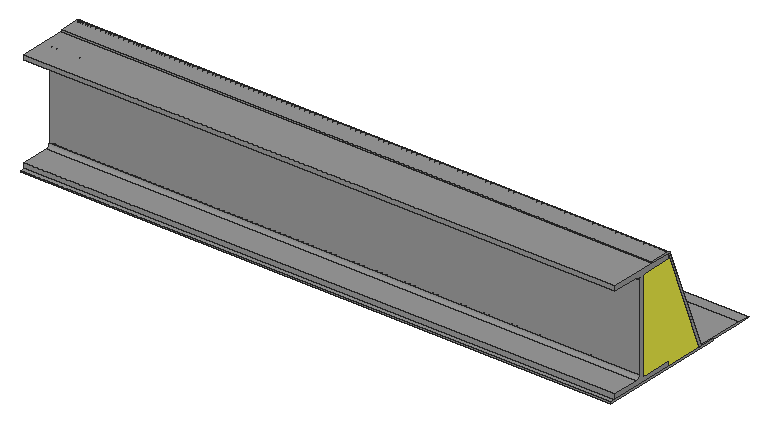
Revit family "XK 130 WOL", category Generic Models, Revit 2014
Parameters (values of type "Max lintel length 6600mm")
  URL = "http://www.keystonelintels.co.uk"
  Structural Opening [instance] = 900 mm
  Structural Performance = "The Keystone lintel range has safe working loads as detailed in each applicable loading table in the Keystone Lintel Guide brochure. The structural performance figures within each table have been ascertained by testing in accordance with the requirements of standards BS EN 5977-2: 1983 and BS EN 845-2: 2003."
  RIBA Productor Selector = "available for Keystone Lintels Ltd from Keystone Lintels Ltd from ribaproductselector.com"
  Model = "X/K 130 WOL"
  Min Length = 600 mm
  Min Clear Span = 300 mm
  Max Length = 6600 mm
  Max Clear Span = 6600 mm
  Material - Stainless Steel = "Grade 304 2b 1.4307 to BS EN 10088-2. Other grades available on request: contact manufacturer."
  Material - Galvanised Steel = "To BS EN 10346: 2009. DX51D plus Z600 or grade Z275 to BS 5977-2: 1983 (BS EN 845-2: 2003)."
  Manufacturer = "Keystone"
  Manufactured Length [instance] = (roundup(Effective Length / 150 mm) * 150 mm)  # 1200 mm
  Lintel height [instance] = 2100 mm
  Keynote = "F30/755"
  Fire Performance = "Keystone lintels have been subjected to a fire test (WARRES No. 101263) in accordance with BS 476-20: 1987, at Exova Warrington Fire and achieved a one hour fire performance."
  End Bearing = 150 mm
  Effective Length [instance] = Clear Opening with MIN MAX set + End Bearing * 2  # 1200 mm
  Corrosion = "Keystone’s standard range of lintels are manufactured from high quality grade pre-galvanized carbon steel with a zinc coating of 600"
  Contact Tel = "+44 (0)28 8676 2184"
  Contact Email = "info@keystonelintels.co.uk"
  Clear Opening with MIN MAX set [instance] = if(Structural Opening < Min Clear Span, Min Clear Span, (if(Structural Opening > Max Clear Span, Max Clear Span, Structural Opening)))  # 900 mm
  CPD Information = "Available for Keystone Lintels Ltd from ribacpd.com"
Reference planes
  plane 1 "Center (Front/Back)": y = 0
  plane 2: z = 0
  plane 3 "Center (Left/Right)": x = 0
  plane 4: x = -600
  plane 5: x = 600
  plane 6: z = 2100
  plane 7: x = -450
  plane 8: x = 450
Forms (mm)
  Extrusion 1, solid, material "Steel"
    sketch origin (0, 706.152, -506.841) x (0, 1, 0) y (0, 0, 1)
      loop
        line (-567.525, 2606.841) -> (-542.614, 2605.982) -> (-542.504, 2609.18) -> (-567.47, 2610.041) -> (-662.596, 2610.041)
        arc (-662.596, 2610.041) -> (-663.615, 2610.357) -> (-664.276, 2611.195) r 1.8
        line (-664.276, 2611.195) -> (-742.054, 2813.507)
        arc (-742.054, 2813.507) -> (-743.964, 2815.927) -> (-746.908, 2816.841) r 5.2
        line (-746.908, 2816.841) -> (-786.908, 2816.841) -> (-786.908, 2813.641) -> (-746.908, 2813.641)
        arc (-746.908, 2813.641) -> (-745.776, 2813.29) -> (-745.041, 2812.359) r 2
        line (-745.041, 2812.359) -> (-667.263, 2610.047)
        arc (-667.263, 2610.047) -> (-665.427, 2607.72) -> (-662.596, 2606.841) r 5
        line (-662.596, 2606.841) -> (-567.525, 2606.841)
    from -600 to 600
  Extrusion 2, solid, material "Steel"
    sketch origin (0, 706.152, -506.841) x (0, 1, 0) y (0, 0, 1)
      loop
        line (-747.569, 2616.441) -> (-803.719, 2616.441)
        arc (-803.719, 2616.441) -> (-809.093, 2618.667) -> (-811.319, 2624.041) r 7.6
        line (-811.319, 2624.041) -> (-811.319, 2796.441)
        arc (-811.319, 2796.441) -> (-809.093, 2801.815) -> (-803.719, 2804.041) r 7.6
        line (-803.719, 2804.041) -> (-747.569, 2804.041) -> (-747.569, 2813.641) -> (-881.469, 2813.641) -> (-881.469, 2804.041) -> (-825.319, 2804.041)
        arc (-825.319, 2804.041) -> (-819.945, 2801.815) -> (-817.719, 2796.441) r 7.6
        line (-817.719, 2796.441) -> (-817.719, 2624.041)
        arc (-817.719, 2624.041) -> (-819.945, 2618.667) -> (-825.319, 2616.441) r 7.6
        line (-825.319, 2616.441) -> (-881.469, 2616.441) -> (-881.469, 2606.841) -> (-747.569, 2606.841) -> (-747.569, 2616.441)
    from -600 to 600
  Extrusion 3, solid, material "Steel"
    sketch origin (0, 706.152, -506.841) x (0, 1, 0) y (0, 0, 1)
      loop
        line (-891.469, 2603.641) -> (-631.469, 2603.641) -> (-631.469, 2606.841) -> (-891.469, 2606.841) -> (-891.469, 2603.641)
    from -600 to 600
  Extrusion 4, solid, material "Insulation"
    sketch origin (0, 706.152, -506.841) x (0, 1, 0) y (0, 0, 1)
      loop
        arc (-662.596, 2606.841) -> (-665.427, 2607.72) -> (-667.263, 2610.047) r 5
        line (-667.263, 2610.047) -> (-745.041, 2812.359)
        arc (-745.041, 2812.359) -> (-746.068, 2813.456) -> (-747.569, 2813.529) r 2
        line (-747.569, 2813.529) -> (-747.569, 2804.041) -> (-803.719, 2804.041)
        arc (-803.719, 2804.041) -> (-809.093, 2801.815) -> (-811.319, 2796.441) r 7.6
        line (-811.319, 2796.441) -> (-811.319, 2624.041)
        arc (-811.319, 2624.041) -> (-809.093, 2618.667) -> (-803.719, 2616.441) r 7.6
        line (-803.719, 2616.441) -> (-747.569, 2616.441) -> (-747.569, 2606.841) -> (-662.596, 2606.841)
    from -600 to 600
  Extrusion 5, solid, not visible
    sketch origin (0, 916.202, 1188.907) x (0, 1, 0) y (0, 0, 1)
      loop
        line (-567.525, 1006.841) -> (-542.614, 1005.982) -> (-542.504, 1009.18) -> (-567.47, 1010.041) -> (-662.596, 1010.041)
        arc (-662.596, 1010.041) -> (-663.615, 1010.357) -> (-664.276, 1011.195) r 1.8
        line (-664.276, 1011.195) -> (-742.054, 1213.507)
        arc (-742.054, 1213.507) -> (-743.964, 1215.927) -> (-746.908, 1216.841) r 5.2
        line (-746.908, 1216.841) -> (-786.908, 1216.841) -> (-786.908, 1213.641) -> (-746.908, 1213.641)
        arc (-746.908, 1213.641) -> (-745.776, 1213.29) -> (-745.041, 1212.359) r 2
        line (-745.041, 1212.359) -> (-667.263, 1010.047)
        arc (-667.263, 1010.047) -> (-665.427, 1007.72) -> (-662.596, 1006.841) r 5
        line (-662.596, 1006.841) -> (-567.525, 1006.841)
    from 0 to 250
  Extrusion 6, solid, not visible
    sketch origin (0, 684.715, 1131.632) x (0, 1, 0) y (0, 0, 1)
      loop
        line (-747.569, 1016.441) -> (-803.719, 1016.441)
        arc (-803.719, 1016.441) -> (-809.093, 1018.667) -> (-811.319, 1024.041) r 7.6
        line (-811.319, 1024.041) -> (-811.319, 1196.441)
        arc (-811.319, 1196.441) -> (-809.093, 1201.815) -> (-803.719, 1204.041) r 7.6
        line (-803.719, 1204.041) -> (-747.569, 1204.041) -> (-747.569, 1213.641) -> (-881.469, 1213.641) -> (-881.469, 1204.041) -> (-825.319, 1204.041)
        arc (-825.319, 1204.041) -> (-819.945, 1201.815) -> (-817.719, 1196.441) r 7.6
        line (-817.719, 1196.441) -> (-817.719, 1024.041)
        arc (-817.719, 1024.041) -> (-819.945, 1018.667) -> (-825.319, 1016.441) r 7.6
        line (-825.319, 1016.441) -> (-881.469, 1016.441) -> (-881.469, 1006.841) -> (-747.569, 1006.841) -> (-747.569, 1016.441)
    from 0 to 250
  Extrusion 7, solid, not visible
    sketch origin (0, 1034.455, 991.094) x (0, 1, 0) y (0, 0, 1)
      loop
        line (-891.469, 1003.641) -> (-631.469, 1003.641) -> (-631.469, 1006.841) -> (-891.469, 1006.841) -> (-891.469, 1003.641)
    from 0 to 250
  Extrusion 8, solid, not visible
    sketch origin (0, 591.457, 821.441) x (0, 1, 0) y (0, 0, 1)
      loop
        arc (-662.596, 1006.841) -> (-665.427, 1007.72) -> (-667.263, 1010.047) r 5
        line (-667.263, 1010.047) -> (-745.041, 1212.359)
        arc (-745.041, 1212.359) -> (-746.068, 1213.456) -> (-747.569, 1213.529) r 2
        line (-747.569, 1213.529) -> (-747.569, 1204.041) -> (-803.719, 1204.041)
        arc (-803.719, 1204.041) -> (-809.093, 1201.815) -> (-811.319, 1196.441) r 7.6
        line (-811.319, 1196.441) -> (-811.319, 1024.041)
        arc (-811.319, 1024.041) -> (-809.093, 1018.667) -> (-803.719, 1016.441) r 7.6
        line (-803.719, 1016.441) -> (-747.569, 1016.441) -> (-747.569, 1006.841) -> (-662.596, 1006.841)
    from 0 to 250
Dimensions and locks
  equal spacing: plane 4, plane 3 "Center (Left/Right)", plane 5
  "Manufactured Length": plane 4 to plane 5
  "Lintel height": plane 6 to level
  "Structural Opening": plane 7 to plane 8
  equal spacing: plane 7, plane 3 "Center (Left/Right)", plane 8
  aligned and locked: level to plane 2
  aligned and locked: Extrusion 1 to plane 6
  aligned and locked: Extrusion 4 to plane 6
  aligned and locked: Extrusion 2 to plane 6
  aligned and locked: plane 6 to Extrusion 3
  aligned and locked: plane 5 to Extrusion 1
  aligned and locked: Extrusion 1 to plane 4
  aligned and locked: plane 5 to Extrusion 4
  aligned and locked: Extrusion 4 to plane 4
  aligned and locked: plane 5 to Extrusion 3
  aligned and locked: Extrusion 3 to plane 4
  aligned and locked: plane 5 to Extrusion 2
  aligned and locked: Extrusion 2 to plane 4
Automatic sketch dimensions
  Extrusion 1 sketch curve to Extrusion 1 sketch curve = 95.071 mm
  Extrusion 1 sketch curve to Extrusion 1 sketch curve = 24.911 mm
  Extrusion 1 sketch curve to Extrusion 1 sketch curve = 0.859 mm
  Extrusion 1 sketch curve to Extrusion 1 sketch curve = 0.11 mm
  Extrusion 1 sketch curve to Extrusion 1 sketch curve = 0.055 mm
  Extrusion 1 sketch curve to Extrusion 1 sketch curve = 0 mm  (x8)
  Extrusion 1 sketch curve to Extrusion 1 sketch curve = 1.8 mm
  Extrusion 1 sketch curve to Extrusion 1 sketch curve = 4.667 mm
  Extrusion 1 sketch curve to Extrusion 1 sketch curve = 1.68 mm
  Extrusion 1 sketch curve to Extrusion 1 sketch curve = 77.778 mm
  Extrusion 1 sketch curve to Extrusion 1 sketch curve = 202.312 mm
  Extrusion 1 sketch curve to Extrusion 1 sketch curve = 2.987 mm
  Extrusion 1 sketch curve to Extrusion 1 sketch curve = 1.148 mm
  Extrusion 1 sketch curve to Extrusion 1 sketch curve = 1.867 mm
  Extrusion 1 sketch curve to Extrusion 1 sketch curve = 0.718 mm
  Extrusion 1 sketch curve to Extrusion 1 sketch curve = 40 mm
  Extrusion 2 sketch curve to Extrusion 2 sketch curve = 133.9 mm
  Extrusion 2 sketch curve to Extrusion 2 sketch curve = 9.6 mm  (x3)
  Extrusion 2 sketch curve to Extrusion 2 sketch curve = 56.15 mm  (x3)
  Extrusion 2 sketch curve to Extrusion 2 sketch curve = 21.6 mm
  Extrusion 2 sketch curve to Extrusion 2 sketch curve = 7.6 mm  (x4)
  Extrusion 2 sketch curve to Extrusion 2 sketch curve = 172.4 mm
  Extrusion 2 sketch curve to Extrusion 2 sketch curve = 0 mm
  Extrusion 3 sketch curve to Extrusion 3 sketch curve = 260 mm
  Extrusion 3 sketch curve to Extrusion 3 sketch curve = 3.2 mm
  Extrusion 4 sketch curve to Extrusion 4 sketch curve = 84.972 mm
  Extrusion 4 sketch curve to Extrusion 4 sketch curve = 9.6 mm
  Extrusion 4 sketch curve to Extrusion 4 sketch curve = 56.15 mm
  Extrusion 4 sketch curve to Extrusion 4 sketch curve = 7.6 mm  (x2)
  Extrusion 4 sketch curve to Extrusion 4 sketch curve = 172.4 mm
  Extrusion 4 sketch curve to Extrusion 4 sketch curve = 0 mm
  Extrusion 4 sketch curve to Extrusion 4 sketch curve = 5 mm
  Extrusion 4 sketch curve to Extrusion 4 sketch curve = 4.667 mm
  Extrusion 4 sketch curve to Extrusion 4 sketch curve = 66.277 mm
  Extrusion 4 sketch curve to Extrusion 4 sketch curve = 15.918 mm
  Extrusion 4 sketch curve to Extrusion 4 sketch curve = 1.17 mm
  Extrusion 4 sketch curve to Extrusion 4 sketch curve = 1.867 mm
  Extrusion 4 sketch curve to Extrusion 4 sketch curve = 0.718 mm
  Extrusion 4 sketch curve to Extrusion 4 sketch curve = 3.206 mm
  Extrusion 5 sketch curve to Extrusion 5 sketch curve = 95.071 mm
  Extrusion 5 sketch curve to Extrusion 5 sketch curve = 24.911 mm
  Extrusion 5 sketch curve to Extrusion 5 sketch curve = 0.859 mm
  Extrusion 5 sketch curve to Extrusion 5 sketch curve = 0.11 mm
  Extrusion 5 sketch curve to Extrusion 5 sketch curve = 0.055 mm
  Extrusion 5 sketch curve to Extrusion 5 sketch curve = 0 mm  (x8)
  Extrusion 5 sketch curve to Extrusion 5 sketch curve = 1.8 mm
  Extrusion 5 sketch curve to Extrusion 5 sketch curve = 4.667 mm
  Extrusion 5 sketch curve to Extrusion 5 sketch curve = 1.68 mm
  Extrusion 5 sketch curve to Extrusion 5 sketch curve = 77.778 mm
  Extrusion 5 sketch curve to Extrusion 5 sketch curve = 202.312 mm
  Extrusion 5 sketch curve to Extrusion 5 sketch curve = 2.987 mm
  Extrusion 5 sketch curve to Extrusion 5 sketch curve = 1.148 mm
  Extrusion 5 sketch curve to Extrusion 5 sketch curve = 1.867 mm
  Extrusion 5 sketch curve to Extrusion 5 sketch curve = 0.718 mm
  Extrusion 5 sketch curve to Extrusion 5 sketch curve = 40 mm
  Extrusion 6 sketch curve to Extrusion 6 sketch curve = 133.9 mm
  Extrusion 6 sketch curve to Extrusion 6 sketch curve = 9.6 mm  (x3)
  Extrusion 6 sketch curve to Extrusion 6 sketch curve = 56.15 mm  (x3)
  Extrusion 6 sketch curve to Extrusion 6 sketch curve = 21.6 mm
  Extrusion 6 sketch curve to Extrusion 6 sketch curve = 7.6 mm  (x4)
  Extrusion 6 sketch curve to Extrusion 6 sketch curve = 172.4 mm
  Extrusion 6 sketch curve to Extrusion 6 sketch curve = 0 mm
  Extrusion 7 sketch curve to Extrusion 7 sketch curve = 260 mm
  Extrusion 7 sketch curve to Extrusion 7 sketch curve = 3.2 mm
  Extrusion 8 sketch curve to Extrusion 8 sketch curve = 84.972 mm
  Extrusion 8 sketch curve to Extrusion 8 sketch curve = 9.6 mm
  Extrusion 8 sketch curve to Extrusion 8 sketch curve = 56.15 mm
  Extrusion 8 sketch curve to Extrusion 8 sketch curve = 7.6 mm  (x2)
  Extrusion 8 sketch curve to Extrusion 8 sketch curve = 172.4 mm
  Extrusion 8 sketch curve to Extrusion 8 sketch curve = 0 mm
  Extrusion 8 sketch curve to Extrusion 8 sketch curve = 5 mm
  Extrusion 8 sketch curve to Extrusion 8 sketch curve = 4.667 mm
  Extrusion 8 sketch curve to Extrusion 8 sketch curve = 66.277 mm
  Extrusion 8 sketch curve to Extrusion 8 sketch curve = 15.918 mm
  Extrusion 8 sketch curve to Extrusion 8 sketch curve = 1.17 mm
  Extrusion 8 sketch curve to Extrusion 8 sketch curve = 1.867 mm
  Extrusion 8 sketch curve to Extrusion 8 sketch curve = 0.718 mm
  Extrusion 8 sketch curve to Extrusion 8 sketch curve = 3.206 mm
  Extrusion 4 sketch curve to plane 6 = 0 mm
  plane 1 "Center (Front/Back)" to Extrusion 4 sketch curve = 105.166 mm
  Extrusion 2 sketch curve to plane 6 = 0 mm
  plane 1 "Center (Front/Back)" to Extrusion 2 sketch curve = 175.316 mm
  Extrusion 1 sketch curve to plane 6 = 0 mm
  plane 1 "Center (Front/Back)" to Extrusion 1 sketch curve = 80.756 mm
  Extrusion 3 sketch curve to plane 6 = 0 mm
  plane 1 "Center (Front/Back)" to Extrusion 3 sketch curve = 185.316 mm
